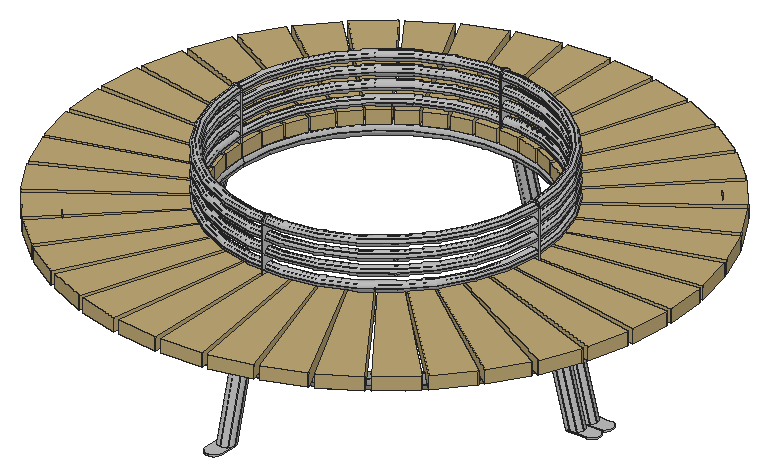
Revit family "L-FUR_벤치_YB-319_예건", category 일반 모델, Revit 2021
Family settings
  보강 철근 호스트 가능 = 아니오
  원형 커넥터 치수 = 지름 사용
  부품 유형 = 보통
  작업 기준면 기반 = 아니오
  항상 수직 = 예
  로드될 때 보이드를 사용하여 절단 = 아니오
  공유 = 아니오
  룸 계산 점 = 아니오
Parameters
  한국산업규격KS = ""
  조달청표준공사코드-세부공종 = ""
  기본 입면도 = 0 mm
  건설정보분류체계-부위분류 = "E943"
  LIM_INFO_주의사항 = "재배포, 재가공, 판매 금지"
  LIM_INFO_제품업체 = "예건"
  LIM_INFO_제품번호 = "YF-16"
  LIM_INFO_제품명 = "펜스_YF-16"
  LIM_INFO_제작일 = "20230315"
  LIM_INFO_재료 = "Hardwood, STL-pipe, STL-plate"
  LIM_INFO_업체정보 = ""
  LIM_INFO_업체URL = "https://yekun.com/"
  LIM_INFO_업체TEL = "(+82)31-943-6114"
  LIM_INFO_업체EMAIL = "yekun@yekun.com"
  LIM_INFO_버전 = "2023_V01"
  LIM_INFO_기타정보 = ""
  LIM_INFO_규격 = "W2000 x H1800"
  LIM_INFO_가격 = 0
  LIM_INFO_PV_포장재여부 = yes
  LIM_INFO_PV_면적 = 0.00 m²
  KBIMS_식별-버전 = ""
  KBIMS_식별-bSK등록번호 = ""
  KBIMS_보급정보-저작자 = "림인포테크_MMJ"
  KBIMS_보급정보-보급코드 = ""
Reference planes
  plane 1 "중심(앞/뒤)": y = 0
  plane 2: z = 0
  plane 3 "중심(왼쪽/오른쪽)": x = 0
Dimensions and locks
  aligned and locked: level to plane 2
Nested families
  nested 1: "YB-319_base" at (0, 0, 0), type "YB-319_base"
Definition of nested family "YB-319_base"
  Parameters (values of type "YB-319_base")
    Default Elevation = 0 mm
  Reference planes
    plane 1 "중심(앞/뒤)": y = 0
    plane 2: z = 0
    plane 3 "중심(왼쪽/오른쪽)": x = 0
  Forms (mm)
    Blend 1, solid, detail levels fine
      base sketch origin (0.473, 0.011, 10) x (1, 0, 0) y (0, 1, 0)
        loop
          circle (274.103, 925.359) r 25.4
      top sketch origin (0.473, 0.011, 10) x (1, 0, 0) y (0, 1, 0)
        loop
          circle (377.799, 925.359) r 25.4
      from 0 to 381.3
    Blend 2, solid, detail levels fine
      base sketch origin (0.473, 0.011, 10) x (1, 0, 0) y (0, 1, 0)
        loop
          circle (274.103, 874.559) r 25.4
      top sketch origin (0.473, 0.011, 10) x (1, 0, 0) y (0, 1, 0)
        loop
          circle (377.799, 874.559) r 25.4
      from 0 to 381.3
    Blend 3, solid, detail levels fine
      base sketch origin (0.473, 0.011, 10) x (1, 0, 0) y (0, 1, 0)
        loop
          circle (900.134, 274.103) r 25.4
      top sketch origin (0.473, 0.011, 10) x (1, 0, 0) y (0, 1, 0)
        loop
          circle (900.134, 377.799) r 25.4
      from 0 to 381.3
    Blend 4, solid, detail levels fine
      base sketch origin (0.473, 0.011, 10) x (1, 0, 0) y (0, 1, 0)
        loop
          circle (1525.649, 925.359) r 25.4
      top sketch origin (0.473, 0.011, 10) x (1, 0, 0) y (0, 1, 0)
        loop
          circle (1421.952, 925.359) r 25.4
      from 0 to 381.3
    Blend 5, solid, detail levels fine
      base sketch origin (0.473, 0.011, 10) x (1, 0, 0) y (0, 1, 0)
        loop
          circle (1525.649, 874.559) r 25.4
      top sketch origin (0.473, 0.011, 10) x (1, 0, 0) y (0, 1, 0)
        loop
          circle (1421.952, 874.559) r 25.4
      from 0 to 381.3
    Blend 6, solid, detail levels fine
      base sketch origin (0.473, 0.011, 10) x (1, 0, 0) y (0, 1, 0)
        loop
          circle (900.134, 1525.649) r 25.4
      top sketch origin (0.473, 0.011, 10) x (1, 0, 0) y (0, 1, 0)
        loop
          circle (900.134, 1421.952) r 25.4
      from 0 to 381.3
    Extrusion 7, solid, detail levels fine
      sketch origin (0.473, 0.011, 10) x (1, 0, 0) y (0, 1, 0)
        loop
          arc (1525.649, 950.759) -> (1500.249, 925.359) -> (1525.649, 899.959) r 25.4
          line (1525.649, 899.959) -> (1576.449, 899.959)
          arc (1576.449, 899.959) -> (1601.849, 925.359) -> (1576.449, 950.759) r 25.4
          line (1576.449, 950.759) -> (1525.649, 950.759)
      from 0 to 3
    Extrusion 8, solid, detail levels fine
      sketch origin (0.473, -50.789, 10) x (1, 0, 0) y (0, 1, 0)
        loop
          arc (1525.649, 950.759) -> (1500.249, 925.359) -> (1525.649, 899.959) r 25.4
          line (1525.649, 899.959) -> (1576.449, 899.959)
          arc (1576.449, 899.959) -> (1601.849, 925.359) -> (1576.449, 950.759) r 25.4
          line (1576.449, 950.759) -> (1525.649, 950.759)
      from 0 to 3
    Extrusion 9, solid, detail levels fine
      sketch origin (1800.225, 1850.728, 10) x (-1, 0, 0) y (0, -1, 0)
        loop
          arc (1525.649, 950.759) -> (1500.249, 925.359) -> (1525.649, 899.959) r 25.4
          line (1525.649, 899.959) -> (1576.449, 899.959)
          arc (1576.449, 899.959) -> (1601.849, 925.359) -> (1576.449, 950.759) r 25.4
          line (1576.449, 950.759) -> (1525.649, 950.759)
      from 0 to 3
    Extrusion 10, solid, detail levels fine
      sketch origin (-24.752, 1799.762, 10) x (0, -1, 0) y (1, 0, 0)
        loop
          arc (1525.649, 950.759) -> (1500.249, 925.359) -> (1525.649, 899.959) r 25.4
          line (1525.649, 899.959) -> (1576.449, 899.959)
          arc (1576.449, 899.959) -> (1601.849, 925.359) -> (1576.449, 950.759) r 25.4
          line (1576.449, 950.759) -> (1525.649, 950.759)
      from 0 to 3
    Extrusion 11, solid, detail levels fine
      sketch origin (1825.966, 0.011, 10) x (0, 1, 0) y (-1, 0, 0)
        loop
          arc (1525.649, 950.759) -> (1500.249, 925.359) -> (1525.649, 899.959) r 25.4
          line (1525.649, 899.959) -> (1576.449, 899.959)
          arc (1576.449, 899.959) -> (1601.849, 925.359) -> (1576.449, 950.759) r 25.4
          line (1576.449, 950.759) -> (1525.649, 950.759)
      from 0 to 3
    Extrusion 12, solid, detail levels fine
      sketch origin (1800.225, 1799.928, 10) x (-1, 0, 0) y (0, -1, 0)
        loop
          arc (1525.649, 950.759) -> (1500.249, 925.359) -> (1525.649, 899.959) r 25.4
          line (1525.649, 899.959) -> (1576.449, 899.959)
          arc (1576.449, 899.959) -> (1601.849, 925.359) -> (1576.449, 950.759) r 25.4
          line (1576.449, 950.759) -> (1525.649, 950.759)
      from 0 to 3
    Blend 13, solid, detail levels fine
      base sketch origin (0.473, 0.011, 10) x (1, 0, 0) y (0, 1, 0)
        loop
          line (299.503, 925.359) -> (292.063, 943.319) -> (274.103, 950.759) -> (256.142, 943.319) -> (248.703, 925.359) -> (256.142, 907.398) -> (274.103, 899.959) -> (292.063, 907.398) -> (299.503, 925.359)
      top sketch origin (0.473, 0.011, 10) x (1, 0, 0) y (0, 1, 0)
        loop
          line (403.199, 925.359) -> (395.76, 943.319) -> (377.799, 950.759) -> (359.839, 943.319) -> (352.399, 925.359) -> (359.839, 907.398) -> (377.799, 899.959) -> (395.76, 907.398) -> (403.199, 925.359)
      from 0 to 381.3
    Blend 14, solid, detail levels fine
      base sketch origin (0.473, 0.011, 10) x (1, 0, 0) y (0, 1, 0)
        loop
          line (299.503, 874.559) -> (292.063, 892.519) -> (274.103, 899.959) -> (256.142, 892.519) -> (248.703, 874.559) -> (256.142, 856.598) -> (274.103, 849.159) -> (292.063, 856.598) -> (299.503, 874.559)
      top sketch origin (0.473, 0.011, 10) x (1, 0, 0) y (0, 1, 0)
        loop
          line (403.199, 874.559) -> (395.76, 892.519) -> (377.799, 899.959) -> (359.839, 892.519) -> (352.399, 874.559) -> (359.839, 856.598) -> (377.799, 849.159) -> (395.76, 856.598) -> (403.199, 874.559)
      from 0 to 381.3
    Blend 15, solid, detail levels fine
      base sketch origin (0.473, 0.011, 10) x (1, 0, 0) y (0, 1, 0)
        loop
          line (925.534, 1525.649) -> (918.094, 1543.609) -> (900.134, 1551.049) -> (882.173, 1543.609) -> (874.734, 1525.649) -> (882.173, 1507.688) -> (900.134, 1500.249) -> (918.094, 1507.688) -> (925.534, 1525.649)
      top sketch origin (0.473, 0.011, 10) x (1, 0, 0) y (0, 1, 0)
        loop
          line (925.534, 1421.952) -> (918.094, 1439.913) -> (900.134, 1447.352) -> (882.173, 1439.913) -> (874.734, 1421.952) -> (882.173, 1403.992) -> (900.134, 1396.552) -> (918.094, 1403.992) -> (925.534, 1421.952)
      from 0 to 381.3
    Blend 16, solid, detail levels fine
      base sketch origin (0.473, 0.011, 10) x (1, 0, 0) y (0, 1, 0)
        loop
          line (1551.049, 925.359) -> (1543.609, 943.319) -> (1525.649, 950.759) -> (1507.688, 943.319) -> (1500.249, 925.359) -> (1507.688, 907.398) -> (1525.649, 899.959) -> (1543.609, 907.398) -> (1551.049, 925.359)
      top sketch origin (0.473, 0.011, 10) x (1, 0, 0) y (0, 1, 0)
        loop
          line (1447.352, 925.359) -> (1439.913, 943.319) -> (1421.952, 950.759) -> (1403.992, 943.319) -> (1396.552, 925.359) -> (1403.992, 907.398) -> (1421.952, 899.959) -> (1439.913, 907.398) -> (1447.352, 925.359)
      from 0 to 381.3
    Blend 17, solid, detail levels fine
      base sketch origin (0.473, 0.011, 10) x (1, 0, 0) y (0, 1, 0)
        loop
          line (1551.049, 874.559) -> (1543.609, 892.519) -> (1525.649, 899.959) -> (1507.688, 892.519) -> (1500.249, 874.559) -> (1507.688, 856.598) -> (1525.649, 849.159) -> (1543.609, 856.598) -> (1551.049, 874.559)
      top sketch origin (0.473, 0.011, 10) x (1, 0, 0) y (0, 1, 0)
        loop
          line (1447.352, 874.559) -> (1439.913, 892.519) -> (1421.952, 899.959) -> (1403.992, 892.519) -> (1396.552, 874.559) -> (1403.992, 856.598) -> (1421.952, 849.159) -> (1439.913, 856.598) -> (1447.352, 874.559)
      from 0 to 381.3
    Blend 18, solid, detail levels fine
      base sketch origin (0.473, 0.011, 10) x (1, 0, 0) y (0, 1, 0)
        loop
          line (925.534, 274.103) -> (918.094, 292.063) -> (900.134, 299.503) -> (882.173, 292.063) -> (874.734, 274.103) -> (882.173, 256.142) -> (900.134, 248.703) -> (918.094, 256.142) -> (925.534, 274.103)
      top sketch origin (0.473, 0.011, 10) x (1, 0, 0) y (0, 1, 0)
        loop
          line (925.534, 377.799) -> (918.094, 395.76) -> (900.134, 403.199) -> (882.173, 395.76) -> (874.734, 377.799) -> (882.173, 359.839) -> (900.134, 352.399) -> (918.094, 359.839) -> (925.534, 377.799)
      from 0 to 381.3
    Extrusion 19, solid, detail levels fine
      sketch origin (0.473, 0.011, 4.3) x (0, 1, 0) y (0, 0, 1)
        loop
          line (1447.352, 387) -> (1483.175, 253.307) -> (1724.172, 387) -> (1447.352, 387)
      from 897.5 to 902.5
    Extrusion 20, solid, detail levels fine
      sketch origin (1800.607, 1799.762, 4.3) x (0, -1, 0) y (0, 0, 1)
        loop
          line (1447.352, 387) -> (1483.175, 253.307) -> (1724.172, 387) -> (1447.352, 387)
      from 897.5 to 902.5
    Extrusion 21, solid, detail levels fine
      sketch origin (1800.225, 25.369, 4.3) x (-1, 0, 0) y (0, 0, 1)
        loop
          line (1447.352, 387) -> (1483.175, 253.307) -> (1724.172, 387) -> (1447.352, 387)
      from 897.5 to 902.5
    Extrusion 22, solid, detail levels fine
      sketch origin (1800.225, -25.431, 4.3) x (-1, 0, 0) y (0, 0, 1)
        loop
          line (1447.352, 387) -> (1483.175, 253.307) -> (1724.172, 387) -> (1447.352, 387)
      from 897.5 to 902.5
    Extrusion 23, solid, detail levels fine
      sketch origin (0.473, 1825.369, 4.3) x (1, 0, 0) y (0, 0, 1)
        loop
          line (1447.352, 387) -> (1483.175, 253.307) -> (1724.172, 387) -> (1447.352, 387)
      from 897.5 to 902.5
    Extrusion 24, solid, detail levels fine
      sketch origin (0.473, 1774.569, 4.3) x (1, 0, 0) y (0, 0, 1)
        loop
          line (1447.352, 387) -> (1483.175, 253.307) -> (1724.172, 387) -> (1447.352, 387)
      from 897.5 to 902.5
    Extrusion 25, solid, detail levels fine
      sketch origin (-3046.023, -735.762, 0) x (1, 0, 0) y (0, 1, 0)
        loop
          line (3738.703, 2034.526) -> (3531.378, 2432.795)
          arc (3531.378, 2432.795) -> (3530.791, 2433.287) -> (3530.028, 2433.219) r 1
          arc (3530.028, 2433.219) -> (3476.241, 2402.748) -> (3424.673, 2368.657) r 900.112
          arc (3424.673, 2368.657) -> (3424.266, 2368.008) -> (3424.438, 2367.262) r 1
          line (3424.438, 2367.262) -> (3685.174, 2001.723)
          arc (3685.174, 2001.723) -> (3711.366, 2019.059) -> (3738.703, 2034.526) r 450.001
        loop
          line (3678.82, 1997.107) -> (3411.745, 2358.039)
          arc (3411.745, 2358.039) -> (3411.088, 2358.434) -> (3410.345, 2358.248) r 1
          arc (3410.345, 2358.248) -> (3361.987, 2319.738) -> (3316.386, 2277.999) r 900.112
          arc (3316.386, 2277.999) -> (3316.086, 2277.294) -> (3316.373, 2276.584) r 1
          line (3316.373, 2276.584) -> (3631.081, 1956.334)
          arc (3631.081, 1956.334) -> (3654.239, 1977.554) -> (3678.82, 1997.107) r 450.001
      from 390 to 430
    Extrusion 26, solid, detail levels fine
      sketch origin (-3358.123, 563.101, 0) x (0.951117, -0.308831, 0) y (0.308831, 0.951117, 0)
        loop
          line (3738.703, 2034.526) -> (3531.378, 2432.795)
          arc (3531.378, 2432.795) -> (3530.791, 2433.287) -> (3530.028, 2433.219) r 1
          arc (3530.028, 2433.219) -> (3476.241, 2402.748) -> (3424.673, 2368.657) r 900.112
          arc (3424.673, 2368.657) -> (3424.266, 2368.008) -> (3424.438, 2367.262) r 1
          line (3424.438, 2367.262) -> (3685.174, 2001.723)
          arc (3685.174, 2001.723) -> (3711.366, 2019.059) -> (3738.703, 2034.526) r 450.001
        loop
          line (3678.82, 1997.107) -> (3411.745, 2358.039)
          arc (3411.745, 2358.039) -> (3411.088, 2358.434) -> (3410.345, 2358.248) r 1
          arc (3410.345, 2358.248) -> (3361.987, 2319.738) -> (3316.386, 2277.999) r 900.112
          arc (3316.386, 2277.999) -> (3316.086, 2277.294) -> (3316.373, 2276.584) r 1
          line (3316.373, 2276.584) -> (3631.081, 1956.334)
          arc (3631.081, 1956.334) -> (3654.239, 1977.554) -> (3678.82, 1997.107) r 450.001
      from 390 to 430
    Extrusion 27, solid, detail levels fine
      sketch origin (-1333.017, -2742.125, 0) x (0.809292, 0.587406, 0) y (-0.587406, 0.809292, 0)
        loop
          line (3738.703, 2034.526) -> (3531.378, 2432.795)
          arc (3531.378, 2432.795) -> (3530.791, 2433.287) -> (3530.028, 2433.219) r 1
          arc (3530.028, 2433.219) -> (3476.241, 2402.748) -> (3424.673, 2368.657) r 900.112
          arc (3424.673, 2368.657) -> (3424.266, 2368.008) -> (3424.438, 2367.262) r 1
          line (3424.438, 2367.262) -> (3685.174, 2001.723)
          arc (3685.174, 2001.723) -> (3711.366, 2019.059) -> (3738.703, 2034.526) r 450.001
        loop
          line (3678.82, 1997.107) -> (3411.745, 2358.039)
          arc (3411.745, 2358.039) -> (3411.088, 2358.434) -> (3410.345, 2358.248) r 1
          arc (3410.345, 2358.248) -> (3361.987, 2319.738) -> (3316.386, 2277.999) r 900.112
          arc (3316.386, 2277.999) -> (3316.086, 2277.294) -> (3316.373, 2276.584) r 1
          line (3316.373, 2276.584) -> (3631.081, 1956.334)
          arc (3631.081, 1956.334) -> (3654.239, 1977.554) -> (3678.82, 1997.107) r 450.001
      from 390 to 430
    Extrusion 28, solid, detail levels fine
      sketch origin (-2348.558, -1874.294, 0) x (0.951141, 0.308758, 0) y (-0.308758, 0.951141, 0)
        loop
          line (3738.703, 2034.526) -> (3531.378, 2432.795)
          arc (3531.378, 2432.795) -> (3530.791, 2433.287) -> (3530.028, 2433.219) r 1
          arc (3530.028, 2433.219) -> (3476.241, 2402.748) -> (3424.673, 2368.657) r 900.112
          arc (3424.673, 2368.657) -> (3424.266, 2368.008) -> (3424.438, 2367.262) r 1
          line (3424.438, 2367.262) -> (3685.174, 2001.723)
          arc (3685.174, 2001.723) -> (3711.366, 2019.059) -> (3738.703, 2034.526) r 450.001
        loop
          line (3678.82, 1997.107) -> (3411.745, 2358.039)
          arc (3411.745, 2358.039) -> (3411.088, 2358.434) -> (3410.345, 2358.248) r 1
          arc (3410.345, 2358.248) -> (3361.987, 2319.738) -> (3316.386, 2277.999) r 900.112
          arc (3316.386, 2277.999) -> (3316.086, 2277.294) -> (3316.373, 2276.584) r 1
          line (3316.373, 2276.584) -> (3631.081, 1956.334)
          arc (3631.081, 1956.334) -> (3654.239, 1977.554) -> (3678.82, 1997.107) r 450.001
      from 390 to 430
    Extrusion 29, solid, detail levels fine
      sketch origin (-1874.069, 4147.884, 0) x (0.30887, -0.951104, 0) y (0.951104, 0.30887, 0)
        loop
          line (3738.703, 2034.526) -> (3531.378, 2432.795)
          arc (3531.378, 2432.795) -> (3530.791, 2433.287) -> (3530.028, 2433.219) r 1
          arc (3530.028, 2433.219) -> (3476.241, 2402.748) -> (3424.673, 2368.657) r 900.112
          arc (3424.673, 2368.657) -> (3424.266, 2368.008) -> (3424.438, 2367.262) r 1
          line (3424.438, 2367.262) -> (3685.174, 2001.723)
          arc (3685.174, 2001.723) -> (3711.366, 2019.059) -> (3738.703, 2034.526) r 450.001
        loop
          line (3678.82, 1997.107) -> (3411.745, 2358.039)
          arc (3411.745, 2358.039) -> (3411.088, 2358.434) -> (3410.345, 2358.248) r 1
          arc (3410.345, 2358.248) -> (3361.987, 2319.738) -> (3316.386, 2277.999) r 900.112
          arc (3316.386, 2277.999) -> (3316.086, 2277.294) -> (3316.373, 2276.584) r 1
          line (3316.373, 2276.584) -> (3631.081, 1956.334)
          arc (3631.081, 1956.334) -> (3654.239, 1977.554) -> (3678.82, 1997.107) r 450.001
      from 390 to 430
    Extrusion 30, solid, detail levels fine
      sketch origin (-735.113, 4845.904, 0) x (0.000042, -1, 0) y (1, 0.000042, 0)
        loop
          line (3738.703, 2034.526) -> (3531.378, 2432.795)
          arc (3531.378, 2432.795) -> (3530.791, 2433.287) -> (3530.028, 2433.219) r 1
          arc (3530.028, 2433.219) -> (3476.241, 2402.748) -> (3424.673, 2368.657) r 900.112
          arc (3424.673, 2368.657) -> (3424.266, 2368.008) -> (3424.438, 2367.262) r 1
          line (3424.438, 2367.262) -> (3685.174, 2001.723)
          arc (3685.174, 2001.723) -> (3711.366, 2019.059) -> (3738.703, 2034.526) r 450.001
        loop
          line (3678.82, 1997.107) -> (3411.745, 2358.039)
          arc (3411.745, 2358.039) -> (3411.088, 2358.434) -> (3410.345, 2358.248) r 1
          arc (3410.345, 2358.248) -> (3361.987, 2319.738) -> (3316.386, 2277.999) r 900.112
          arc (3316.386, 2277.999) -> (3316.086, 2277.294) -> (3316.373, 2276.584) r 1
          line (3316.373, 2276.584) -> (3631.081, 1956.334)
          arc (3631.081, 1956.334) -> (3654.239, 1977.554) -> (3678.82, 1997.107) r 450.001
      from 390 to 430
    Extrusion 31, solid, detail levels fine
      sketch origin (-3253.232, 1898.932, 0) x (0.808651, -0.588289, 0) y (0.588289, 0.808651, 0)
        loop
          line (3738.703, 2034.526) -> (3531.378, 2432.795)
          arc (3531.378, 2432.795) -> (3530.791, 2433.287) -> (3530.028, 2433.219) r 1
          arc (3530.028, 2433.219) -> (3476.241, 2402.748) -> (3424.673, 2368.657) r 900.112
          arc (3424.673, 2368.657) -> (3424.266, 2368.008) -> (3424.438, 2367.262) r 1
          line (3424.438, 2367.262) -> (3685.174, 2001.723)
          arc (3685.174, 2001.723) -> (3711.366, 2019.059) -> (3738.703, 2034.526) r 450.001
        loop
          line (3678.82, 1997.107) -> (3411.745, 2358.039)
          arc (3411.745, 2358.039) -> (3411.088, 2358.434) -> (3410.345, 2358.248) r 1
          arc (3410.345, 2358.248) -> (3361.987, 2319.738) -> (3316.386, 2277.999) r 900.112
          arc (3316.386, 2277.999) -> (3316.086, 2277.294) -> (3316.373, 2276.584) r 1
          line (3316.373, 2276.584) -> (3631.081, 1956.334)
          arc (3631.081, 1956.334) -> (3654.239, 1977.554) -> (3678.82, 1997.107) r 450.001
      from 390 to 430
    Extrusion 32, solid, detail levels fine
      sketch origin (-2741.505, 3132.864, 0) x (0.58744, -0.809268, 0) y (0.809268, 0.58744, 0)
        loop
          line (3738.703, 2034.526) -> (3531.378, 2432.795)
          arc (3531.378, 2432.795) -> (3530.791, 2433.287) -> (3530.028, 2433.219) r 1
          arc (3530.028, 2433.219) -> (3476.241, 2402.748) -> (3424.673, 2368.657) r 900.112
          arc (3424.673, 2368.657) -> (3424.266, 2368.008) -> (3424.438, 2367.262) r 1
          line (3424.438, 2367.262) -> (3685.174, 2001.723)
          arc (3685.174, 2001.723) -> (3711.366, 2019.059) -> (3738.703, 2034.526) r 450.001
        loop
          line (3678.82, 1997.107) -> (3411.745, 2358.039)
          arc (3411.745, 2358.039) -> (3411.088, 2358.434) -> (3410.345, 2358.248) r 1
          arc (3410.345, 2358.248) -> (3361.987, 2319.738) -> (3316.386, 2277.999) r 900.112
          arc (3316.386, 2277.999) -> (3316.086, 2277.294) -> (3316.373, 2276.584) r 1
          line (3316.373, 2276.584) -> (3631.081, 1956.334)
          arc (3631.081, 1956.334) -> (3654.239, 1977.554) -> (3678.82, 1997.107) r 450.001
      from 390 to 430
    Extrusion 33, solid, detail levels fine
      sketch origin (3130.018, 4544.174, 0) x (-0.808572, -0.588397, 0) y (0.588397, -0.808572, 0)
        loop
          line (3738.703, 2034.526) -> (3531.378, 2432.795)
          arc (3531.378, 2432.795) -> (3530.791, 2433.287) -> (3530.028, 2433.219) r 1
          arc (3530.028, 2433.219) -> (3476.241, 2402.748) -> (3424.673, 2368.657) r 900.112
          arc (3424.673, 2368.657) -> (3424.266, 2368.008) -> (3424.438, 2367.262) r 1
          line (3424.438, 2367.262) -> (3685.174, 2001.723)
          arc (3685.174, 2001.723) -> (3711.366, 2019.059) -> (3738.703, 2034.526) r 450.001
        loop
          line (3678.82, 1997.107) -> (3411.745, 2358.039)
          arc (3411.745, 2358.039) -> (3411.088, 2358.434) -> (3410.345, 2358.248) r 1
          arc (3410.345, 2358.248) -> (3361.987, 2319.738) -> (3316.386, 2277.999) r 900.112
          arc (3316.386, 2277.999) -> (3316.086, 2277.294) -> (3316.373, 2276.584) r 1
          line (3316.373, 2276.584) -> (3631.081, 1956.334)
          arc (3631.081, 1956.334) -> (3654.239, 1977.554) -> (3678.82, 1997.107) r 450.001
      from 390 to 430
    Extrusion 34, solid, detail levels fine
      sketch origin (4146.621, 3677.589, 0) x (-0.950762, -0.309923, 0) y (0.309923, -0.950762, 0)
        loop
          line (3738.703, 2034.526) -> (3531.378, 2432.795)
          arc (3531.378, 2432.795) -> (3530.791, 2433.287) -> (3530.028, 2433.219) r 1
          arc (3530.028, 2433.219) -> (3476.241, 2402.748) -> (3424.673, 2368.657) r 900.112
          arc (3424.673, 2368.657) -> (3424.266, 2368.008) -> (3424.438, 2367.262) r 1
          line (3424.438, 2367.262) -> (3685.174, 2001.723)
          arc (3685.174, 2001.723) -> (3711.366, 2019.059) -> (3738.703, 2034.526) r 450.001
        loop
          line (3678.82, 1997.107) -> (3411.745, 2358.039)
          arc (3411.745, 2358.039) -> (3411.088, 2358.434) -> (3410.345, 2358.248) r 1
          arc (3410.345, 2358.248) -> (3361.987, 2319.738) -> (3316.386, 2277.999) r 900.112
          arc (3316.386, 2277.999) -> (3316.086, 2277.294) -> (3316.373, 2276.584) r 1
          line (3316.373, 2276.584) -> (3631.081, 1956.334)
          arc (3631.081, 1956.334) -> (3654.239, 1977.554) -> (3678.82, 1997.107) r 450.001
      from 390 to 430
    Extrusion 35, solid, detail levels fine
      sketch origin (564.391, 5158.535, 0) x (-0.308743, -0.951146, 0) y (0.951146, -0.308743, 0)
        loop
          line (3738.703, 2034.526) -> (3531.378, 2432.795)
          arc (3531.378, 2432.795) -> (3530.791, 2433.287) -> (3530.028, 2433.219) r 1
          arc (3530.028, 2433.219) -> (3476.241, 2402.748) -> (3424.673, 2368.657) r 900.112
          arc (3424.673, 2368.657) -> (3424.266, 2368.008) -> (3424.438, 2367.262) r 1
          line (3424.438, 2367.262) -> (3685.174, 2001.723)
          arc (3685.174, 2001.723) -> (3711.366, 2019.059) -> (3738.703, 2034.526) r 450.001
        loop
          line (3678.82, 1997.107) -> (3411.745, 2358.039)
          arc (3411.745, 2358.039) -> (3411.088, 2358.434) -> (3410.345, 2358.248) r 1
          arc (3410.345, 2358.248) -> (3361.987, 2319.738) -> (3316.386, 2277.999) r 900.112
          arc (3316.386, 2277.999) -> (3316.086, 2277.294) -> (3316.373, 2276.584) r 1
          line (3316.373, 2276.584) -> (3631.081, 1956.334)
          arc (3631.081, 1956.334) -> (3654.239, 1977.554) -> (3678.82, 1997.107) r 450.001
      from 390 to 430
    Extrusion 36, solid, detail levels fine
      sketch origin (1896.157, 5054.373, 0) x (-0.587393, -0.809302, 0) y (0.809302, -0.587393, 0)
        loop
          line (3738.703, 2034.526) -> (3531.378, 2432.795)
          arc (3531.378, 2432.795) -> (3530.791, 2433.287) -> (3530.028, 2433.219) r 1
          arc (3530.028, 2433.219) -> (3476.241, 2402.748) -> (3424.673, 2368.657) r 900.112
          arc (3424.673, 2368.657) -> (3424.266, 2368.008) -> (3424.438, 2367.262) r 1
          line (3424.438, 2367.262) -> (3685.174, 2001.723)
          arc (3685.174, 2001.723) -> (3711.366, 2019.059) -> (3738.703, 2034.526) r 450.001
        loop
          line (3678.82, 1997.107) -> (3411.745, 2358.039)
          arc (3411.745, 2358.039) -> (3411.088, 2358.434) -> (3410.345, 2358.248) r 1
          arc (3410.345, 2358.248) -> (3361.987, 2319.738) -> (3316.386, 2277.999) r 900.112
          arc (3316.386, 2277.999) -> (3316.086, 2277.294) -> (3316.373, 2276.584) r 1
          line (3316.373, 2276.584) -> (3631.081, 1956.334)
          arc (3631.081, 1956.334) -> (3654.239, 1977.554) -> (3678.82, 1997.107) r 450.001
      from 390 to 430
    Extrusion 37, solid, detail levels fine
      sketch origin (5055.934, -94.179, 0) x (-0.809371, 0.587298, 0) y (-0.587298, -0.809371, 0)
        loop
          line (3738.703, 2034.526) -> (3531.378, 2432.795)
          arc (3531.378, 2432.795) -> (3530.791, 2433.287) -> (3530.028, 2433.219) r 1
          arc (3530.028, 2433.219) -> (3476.241, 2402.748) -> (3424.673, 2368.657) r 900.112
          arc (3424.673, 2368.657) -> (3424.266, 2368.008) -> (3424.438, 2367.262) r 1
          line (3424.438, 2367.262) -> (3685.174, 2001.723)
          arc (3685.174, 2001.723) -> (3711.366, 2019.059) -> (3738.703, 2034.526) r 450.001
        loop
          line (3678.82, 1997.107) -> (3411.745, 2358.039)
          arc (3411.745, 2358.039) -> (3411.088, 2358.434) -> (3410.345, 2358.248) r 1
          arc (3410.345, 2358.248) -> (3361.987, 2319.738) -> (3316.386, 2277.999) r 900.112
          arc (3316.386, 2277.999) -> (3316.086, 2277.294) -> (3316.373, 2276.584) r 1
          line (3316.373, 2276.584) -> (3631.081, 1956.334)
          arc (3631.081, 1956.334) -> (3654.239, 1977.554) -> (3678.82, 1997.107) r 450.001
      from 390 to 430
    Extrusion 38, solid, detail levels fine
      sketch origin (4545.719, -1328.737, 0) x (-0.588431, 0.808547, 0) y (-0.808547, -0.588431, 0)
        loop
          line (3738.703, 2034.526) -> (3531.378, 2432.795)
          arc (3531.378, 2432.795) -> (3530.791, 2433.287) -> (3530.028, 2433.219) r 1
          arc (3530.028, 2433.219) -> (3476.241, 2402.748) -> (3424.673, 2368.657) r 900.112
          arc (3424.673, 2368.657) -> (3424.266, 2368.008) -> (3424.438, 2367.262) r 1
          line (3424.438, 2367.262) -> (3685.174, 2001.723)
          arc (3685.174, 2001.723) -> (3711.366, 2019.059) -> (3738.703, 2034.526) r 450.001
        loop
          line (3678.82, 1997.107) -> (3411.745, 2358.039)
          arc (3411.745, 2358.039) -> (3411.088, 2358.434) -> (3410.345, 2358.248) r 1
          arc (3410.345, 2358.248) -> (3361.987, 2319.738) -> (3316.386, 2277.999) r 900.112
          arc (3316.386, 2277.999) -> (3316.086, 2277.294) -> (3316.373, 2276.584) r 1
          line (3316.373, 2276.584) -> (3631.081, 1956.334)
          arc (3631.081, 1956.334) -> (3654.239, 1977.554) -> (3678.82, 1997.107) r 450.001
      from 390 to 430
    Extrusion 39, solid, detail levels fine
      sketch origin (4847.809, 2535.757, 0) x (-1, -0.000134, 0) y (0.000134, -1, 0)
        loop
          line (3738.703, 2034.526) -> (3531.378, 2432.795)
          arc (3531.378, 2432.795) -> (3530.791, 2433.287) -> (3530.028, 2433.219) r 1
          arc (3530.028, 2433.219) -> (3476.241, 2402.748) -> (3424.673, 2368.657) r 900.112
          arc (3424.673, 2368.657) -> (3424.266, 2368.008) -> (3424.438, 2367.262) r 1
          line (3424.438, 2367.262) -> (3685.174, 2001.723)
          arc (3685.174, 2001.723) -> (3711.366, 2019.059) -> (3738.703, 2034.526) r 450.001
        loop
          line (3678.82, 1997.107) -> (3411.745, 2358.039)
          arc (3411.745, 2358.039) -> (3411.088, 2358.434) -> (3410.345, 2358.248) r 1
          arc (3410.345, 2358.248) -> (3361.987, 2319.738) -> (3316.386, 2277.999) r 900.112
          arc (3316.386, 2277.999) -> (3316.086, 2277.294) -> (3316.373, 2276.584) r 1
          line (3316.373, 2276.584) -> (3631.081, 1956.334)
          arc (3631.081, 1956.334) -> (3654.239, 1977.554) -> (3678.82, 1997.107) r 450.001
      from 390 to 430
    Extrusion 40, solid, detail levels fine
      sketch origin (5160.083, 1236.935, 0) x (-0.951159, 0.308703, 0) y (-0.308703, -0.951159, 0)
        loop
          line (3738.703, 2034.526) -> (3531.378, 2432.795)
          arc (3531.378, 2432.795) -> (3530.791, 2433.287) -> (3530.028, 2433.219) r 1
          arc (3530.028, 2433.219) -> (3476.241, 2402.748) -> (3424.673, 2368.657) r 900.112
          arc (3424.673, 2368.657) -> (3424.266, 2368.008) -> (3424.438, 2367.262) r 1
          line (3424.438, 2367.262) -> (3685.174, 2001.723)
          arc (3685.174, 2001.723) -> (3711.366, 2019.059) -> (3738.703, 2034.526) r 450.001
        loop
          line (3678.82, 1997.107) -> (3411.745, 2358.039)
          arc (3411.745, 2358.039) -> (3411.088, 2358.434) -> (3410.345, 2358.248) r 1
          arc (3410.345, 2358.248) -> (3361.987, 2319.738) -> (3316.386, 2277.999) r 900.112
          arc (3316.386, 2277.999) -> (3316.086, 2277.294) -> (3316.373, 2276.584) r 1
          line (3316.373, 2276.584) -> (3631.081, 1956.334)
          arc (3631.081, 1956.334) -> (3654.239, 1977.554) -> (3678.82, 1997.107) r 450.001
      from 390 to 430
    Extrusion 41, solid, detail levels fine
      sketch origin (1234.65, -3360.492, 0) x (0.309288, 0.950968, 0) y (-0.950968, 0.309288, 0)
        loop
          line (3738.703, 2034.526) -> (3531.378, 2432.795)
          arc (3531.378, 2432.795) -> (3530.791, 2433.287) -> (3530.028, 2433.219) r 1
          arc (3530.028, 2433.219) -> (3476.241, 2402.748) -> (3424.673, 2368.657) r 900.112
          arc (3424.673, 2368.657) -> (3424.266, 2368.008) -> (3424.438, 2367.262) r 1
          line (3424.438, 2367.262) -> (3685.174, 2001.723)
          arc (3685.174, 2001.723) -> (3711.366, 2019.059) -> (3738.703, 2034.526) r 450.001
        loop
          line (3678.82, 1997.107) -> (3411.745, 2358.039)
          arc (3411.745, 2358.039) -> (3411.088, 2358.434) -> (3410.345, 2358.248) r 1
          arc (3410.345, 2358.248) -> (3361.987, 2319.738) -> (3316.386, 2277.999) r 900.112
          arc (3316.386, 2277.999) -> (3316.086, 2277.294) -> (3316.373, 2276.584) r 1
          line (3316.373, 2276.584) -> (3631.081, 1956.334)
          arc (3631.081, 1956.334) -> (3654.239, 1977.554) -> (3678.82, 1997.107) r 450.001
      from 390 to 430
    Extrusion 42, solid, detail levels fine
      sketch origin (-97.057, -3255.566, 0) x (0.587857, 0.808965, 0) y (-0.808965, 0.587857, 0)
        loop
          line (3738.703, 2034.526) -> (3531.378, 2432.795)
          arc (3531.378, 2432.795) -> (3530.791, 2433.287) -> (3530.028, 2433.219) r 1
          arc (3530.028, 2433.219) -> (3476.241, 2402.748) -> (3424.673, 2368.657) r 900.112
          arc (3424.673, 2368.657) -> (3424.266, 2368.008) -> (3424.438, 2367.262) r 1
          line (3424.438, 2367.262) -> (3685.174, 2001.723)
          arc (3685.174, 2001.723) -> (3711.366, 2019.059) -> (3738.703, 2034.526) r 450.001
        loop
          line (3678.82, 1997.107) -> (3411.745, 2358.039)
          arc (3411.745, 2358.039) -> (3411.088, 2358.434) -> (3410.345, 2358.248) r 1
          arc (3410.345, 2358.248) -> (3361.987, 2319.738) -> (3316.386, 2277.999) r 900.112
          arc (3316.386, 2277.999) -> (3316.086, 2277.294) -> (3316.373, 2276.584) r 1
          line (3316.373, 2276.584) -> (3631.081, 1956.334)
          arc (3631.081, 1956.334) -> (3654.239, 1977.554) -> (3678.82, 1997.107) r 450.001
      from 390 to 430
    Extrusion 43, solid, detail levels fine
      sketch origin (3672.449, -2352.022, 0) x (-0.3083, 0.951289, 0) y (-0.951289, -0.3083, 0)
        loop
          line (3738.703, 2034.526) -> (3531.378, 2432.795)
          arc (3531.378, 2432.795) -> (3530.791, 2433.287) -> (3530.028, 2433.219) r 1
          arc (3530.028, 2433.219) -> (3476.241, 2402.748) -> (3424.673, 2368.657) r 900.112
          arc (3424.673, 2368.657) -> (3424.266, 2368.008) -> (3424.438, 2367.262) r 1
          line (3424.438, 2367.262) -> (3685.174, 2001.723)
          arc (3685.174, 2001.723) -> (3711.366, 2019.059) -> (3738.703, 2034.526) r 450.001
        loop
          line (3678.82, 1997.107) -> (3411.745, 2358.039)
          arc (3411.745, 2358.039) -> (3411.088, 2358.434) -> (3410.345, 2358.248) r 1
          arc (3410.345, 2358.248) -> (3361.987, 2319.738) -> (3316.386, 2277.999) r 900.112
          arc (3316.386, 2277.999) -> (3316.086, 2277.294) -> (3316.373, 2276.584) r 1
          line (3316.373, 2276.584) -> (3631.081, 1956.334)
          arc (3631.081, 1956.334) -> (3654.239, 1977.554) -> (3678.82, 1997.107) r 450.001
      from 390 to 430
    Extrusion 44, solid, detail levels fine
      sketch origin (2533.075, -3049.359, 0) x (0.000557, 1, 0) y (-1, 0.000557, 0)
        loop
          line (3738.703, 2034.526) -> (3531.378, 2432.795)
          arc (3531.378, 2432.795) -> (3530.791, 2433.287) -> (3530.028, 2433.219) r 1
          arc (3530.028, 2433.219) -> (3476.241, 2402.748) -> (3424.673, 2368.657) r 900.112
          arc (3424.673, 2368.657) -> (3424.266, 2368.008) -> (3424.438, 2367.262) r 1
          line (3424.438, 2367.262) -> (3685.174, 2001.723)
          arc (3685.174, 2001.723) -> (3711.366, 2019.059) -> (3738.703, 2034.526) r 450.001
        loop
          line (3678.82, 1997.107) -> (3411.745, 2358.039)
          arc (3411.745, 2358.039) -> (3411.088, 2358.434) -> (3410.345, 2358.248) r 1
          arc (3410.345, 2358.248) -> (3361.987, 2319.738) -> (3316.386, 2277.999) r 900.112
          arc (3316.386, 2277.999) -> (3316.086, 2277.294) -> (3316.373, 2276.584) r 1
          line (3316.373, 2276.584) -> (3631.081, 1956.334)
          arc (3631.081, 1956.334) -> (3654.239, 1977.554) -> (3678.82, 1997.107) r 450.001
      from 390 to 430
    Sweep 45, solid, detail levels fine
      path in 3D
        loop
          arc (78.512, 903.731, 370) -> (900.645, 81.598, 370) -> (1722.778, 903.731, 370) r 822.133
          arc (1722.778, 903.731, 370) -> (900.645, 1725.864, 370) -> (78.512, 903.731, 370) r 822.133
      profile origin (900.645, 1725.864, 370) x (0, -1, 0) y (0, 0, 1)
        loop
          circle (0, 0) r 21.35
    Sweep 46, solid, detail levels fine
      path in 3D
        loop
          arc (78.512, 903.731, 370) -> (900.645, 81.598, 370) -> (1722.778, 903.731, 370) r 822.133
          arc (1722.778, 903.731, 370) -> (900.645, 1725.864, 370) -> (78.512, 903.731, 370) r 822.133
      profile origin (900.645, 1725.864, 370) x (0, -1, 0) y (0, 0, 1)
        loop
          line (-21.35, 0) -> (-15.097, -15.097) -> (0, -21.35) -> (15.097, -15.097) -> (21.35, 0) -> (15.097, 15.097) -> (0, 21.35) -> (-15.097, 15.097) -> (-21.35, 0)
    Sweep 47, solid, detail levels fine
      path in 3D
        loop
          arc (429.295, 903.731, 370) -> (900.645, 432.381, 370) -> (1371.995, 903.731, 370) r 471.35
          arc (1371.995, 903.731, 370) -> (900.645, 1375.081, 370) -> (429.295, 903.731, 370) r 471.35
      profile origin (900.645, 1375.081, 370) x (0, -1, 0) y (0, 0, 1)
        loop
          circle (0, 0) r 21.35
    Sweep 48, solid, detail levels fine
      path in 3D
        loop
          arc (429.295, 903.731, 370) -> (900.645, 432.381, 370) -> (1371.995, 903.731, 370) r 471.35
          arc (1371.995, 903.731, 370) -> (900.645, 1375.081, 370) -> (429.295, 903.731, 370) r 471.35
      profile origin (900.645, 1375.081, 370) x (0, -1, 0) y (0, 0, 1)
        loop
          line (-21.35, 0) -> (-15.097, -15.097) -> (0, -21.35) -> (15.097, -15.097) -> (21.35, 0) -> (15.097, 15.097) -> (0, 21.35) -> (-15.097, 15.097) -> (-21.35, 0)
    Sweep 49, solid, detail levels fine
      path in 3D
        loop
          arc (429.073, 903.731, 573.1) -> (900.473, 432.331, 573.1) -> (1371.873, 903.731, 573.1) r 471.4
          arc (1371.873, 903.731, 573.1) -> (900.473, 1375.131, 573.1) -> (429.073, 903.731, 573.1) r 471.4
      profile origin (900.473, 1375.131, 573.1) x (0, -1, 0) y (0, 0, 1)
        loop
          circle (0, 0) r 13.65
    Sweep 50, solid, detail levels fine
      path in 3D
        loop
          arc (429.073, 903.731, 530.8) -> (900.473, 432.331, 530.8) -> (1371.873, 903.731, 530.8) r 471.4
          arc (1371.873, 903.731, 530.8) -> (900.473, 1375.131, 530.8) -> (429.073, 903.731, 530.8) r 471.4
      profile origin (900.473, 1375.131, 530.8) x (0, -1, 0) y (0, 0, 1)
        loop
          circle (0, 0) r 13.65
    Sweep 51, solid, detail levels fine
      path in 3D
        loop
          arc (429.073, 903.731, 488.5) -> (900.473, 432.331, 488.5) -> (1371.873, 903.731, 488.5) r 471.4
          arc (1371.873, 903.731, 488.5) -> (900.473, 1375.131, 488.5) -> (429.073, 903.731, 488.5) r 471.4
      profile origin (900.473, 1375.131, 488.5) x (0, -1, 0) y (0, 0, 1)
        loop
          circle (0, 0) r 13.65
    Sweep 52, solid, detail levels fine
      path in 3D
        loop
          arc (429.073, 903.731, 573.1) -> (900.473, 432.331, 573.1) -> (1371.873, 903.731, 573.1) r 471.4
          arc (1371.873, 903.731, 573.1) -> (900.473, 1375.131, 573.1) -> (429.073, 903.731, 573.1) r 471.4
      profile origin (900.473, 1375.131, 573.1) x (0, -1, 0) y (0, 0, 1)
        loop
          line (13.65, 0) -> (9.652, 9.652) -> (0, 13.65) -> (-9.652, 9.652) -> (-13.65, 0) -> (-9.652, -9.652) -> (0, -13.65) -> (9.652, -9.652) -> (13.65, 0)
    Sweep 53, solid, detail levels fine
      path in 3D
        loop
          arc (429.073, 903.731, 530.8) -> (900.473, 432.331, 530.8) -> (1371.873, 903.731, 530.8) r 471.4
          arc (1371.873, 903.731, 530.8) -> (900.473, 1375.131, 530.8) -> (429.073, 903.731, 530.8) r 471.4
      profile origin (900.473, 1375.131, 530.8) x (0, -1, 0) y (0, 0, 1)
        loop
          line (13.65, 0) -> (9.652, 9.652) -> (0, 13.65) -> (-9.652, 9.652) -> (-13.65, 0) -> (-9.652, -9.652) -> (0, -13.65) -> (9.652, -9.652) -> (13.65, 0)
    Sweep 54, solid, detail levels fine
      path in 3D
        loop
          arc (429.073, 903.731, 488.5) -> (900.473, 432.331, 488.5) -> (1371.873, 903.731, 488.5) r 471.4
          arc (1371.873, 903.731, 488.5) -> (900.473, 1375.131, 488.5) -> (429.073, 903.731, 488.5) r 471.4
      profile origin (900.473, 1375.131, 488.5) x (0, -1, 0) y (0, 0, 1)
        loop
          line (13.65, 0) -> (9.652, 9.652) -> (0, 13.65) -> (-9.652, 9.652) -> (-13.65, 0) -> (-9.652, -9.652) -> (0, -13.65) -> (9.652, -9.652) -> (13.65, 0)
    Extrusion 55, solid, detail levels fine
      sketch origin (0.473, 0.011, 10) x (0, 1, 0) y (0, 0, 1)
        loop
          arc (449.221, 563.1) -> (432.321, 580) -> (415.421, 563.1) r 16.9
          line (415.421, 563.1) -> (415.421, 381.35) -> (449.221, 381.35) -> (449.221, 563.1)
        loop
          line (1392.021, 381.35) -> (1392.021, 563.1)
          arc (1392.021, 563.1) -> (1375.121, 580) -> (1358.221, 563.1) r 16.9
          line (1358.221, 563.1) -> (1358.221, 381.35) -> (1392.021, 381.35)
      from 897 to 900
    Extrusion 56, solid, detail levels fine
      sketch origin (3.473, 0.011, 10) x (0, 1, 0) y (0, 0, 1)
        loop
          arc (449.221, 563.1) -> (432.321, 580) -> (415.421, 563.1) r 16.9
          line (415.421, 563.1) -> (415.421, 381.35) -> (449.221, 381.35) -> (449.221, 563.1)
        loop
          line (1392.021, 381.35) -> (1392.021, 563.1)
          arc (1392.021, 563.1) -> (1375.121, 580) -> (1358.221, 563.1) r 16.9
          line (1358.221, 563.1) -> (1358.221, 381.35) -> (1392.021, 381.35)
      from 897 to 900
    Sweep 57, solid, detail levels fine
      path in 3D
        loop
          arc (429.073, 903.731, 444.275) -> (900.473, 432.331, 444.275) -> (1371.873, 903.731, 444.275) r 471.4
          arc (1371.873, 903.731, 444.275) -> (900.473, 1375.131, 444.275) -> (429.073, 903.731, 444.275) r 471.4
      profile origin (900.473, 1375.131, 444.275) x (0, -1, 0) y (0, 0, 1)
        loop
          circle (0, 0) r 13.65
    Sweep 58, solid, detail levels fine
      path in 3D
        loop
          arc (429.073, 903.731, 444.275) -> (900.473, 432.331, 444.275) -> (1371.873, 903.731, 444.275) r 471.4
          arc (1371.873, 903.731, 444.275) -> (900.473, 1375.131, 444.275) -> (429.073, 903.731, 444.275) r 471.4
      profile origin (900.473, 1375.131, 444.275) x (0, -1, 0) y (0, 0, 1)
        loop
          line (13.65, 0) -> (9.652, 9.652) -> (0, 13.65) -> (-9.652, 9.652) -> (-13.65, 0) -> (-9.652, -9.652) -> (0, -13.65) -> (9.652, -9.652) -> (13.65, 0)
    Extrusion 59, solid, detail levels fine
      sketch origin (0.473, 3.011, 10) x (1, 0, 0) y (0, 0, 1)
        loop
          arc (445.5, 563.1) -> (428.6, 580) -> (411.7, 563.1) r 16.9
          line (411.7, 563.1) -> (411.7, 381.35) -> (445.5, 381.35) -> (445.5, 563.1)
        loop
          arc (1388.3, 563.1) -> (1371.4, 580) -> (1354.5, 563.1) r 16.9
          line (1354.5, 563.1) -> (1354.5, 381.35) -> (1388.3, 381.35) -> (1388.3, 563.1)
      from -897 to -900
    Blend 60, solid, detail levels coarse+medium
      base sketch origin (-2.178, 0.011, 10) x (1, 0, 0) y (0, 1, 0)
        loop
          line (299.503, 925.359) -> (292.063, 943.319) -> (274.103, 950.759) -> (256.142, 943.319) -> (248.703, 925.359) -> (256.142, 907.398) -> (274.103, 899.959) -> (292.063, 907.398) -> (299.503, 925.359)
      top sketch origin (-2.178, 0.011, 10) x (1, 0, 0) y (0, 1, 0)
        loop
          line (403.199, 925.359) -> (395.76, 943.319) -> (377.799, 950.759) -> (359.839, 943.319) -> (352.399, 925.359) -> (359.839, 907.398) -> (377.799, 899.959) -> (395.76, 907.398) -> (403.199, 925.359)
      from 0 to 381.3
    Blend 61, solid, detail levels coarse+medium
      base sketch origin (-2.178, 0.011, 10) x (1, 0, 0) y (0, 1, 0)
        loop
          line (299.503, 874.559) -> (292.063, 892.519) -> (274.103, 899.959) -> (256.142, 892.519) -> (248.703, 874.559) -> (256.142, 856.598) -> (274.103, 849.159) -> (292.063, 856.598) -> (299.503, 874.559)
      top sketch origin (-2.178, 0.011, 10) x (1, 0, 0) y (0, 1, 0)
        loop
          line (403.199, 874.559) -> (395.76, 892.519) -> (377.799, 899.959) -> (359.839, 892.519) -> (352.399, 874.559) -> (359.839, 856.598) -> (377.799, 849.159) -> (395.76, 856.598) -> (403.199, 874.559)
      from 0 to 381.3
    Blend 62, solid, detail levels coarse+medium
      base sketch origin (-2.178, 0.011, 10) x (1, 0, 0) y (0, 1, 0)
        loop
          line (925.534, 1525.649) -> (918.094, 1543.609) -> (900.134, 1551.049) -> (882.173, 1543.609) -> (874.734, 1525.649) -> (882.173, 1507.688) -> (900.134, 1500.249) -> (918.094, 1507.688) -> (925.534, 1525.649)
      top sketch origin (-2.178, 0.011, 10) x (1, 0, 0) y (0, 1, 0)
        loop
          line (925.534, 1421.952) -> (918.094, 1439.913) -> (900.134, 1447.352) -> (882.173, 1439.913) -> (874.734, 1421.952) -> (882.173, 1403.992) -> (900.134, 1396.552) -> (918.094, 1403.992) -> (925.534, 1421.952)
      from 0 to 381.3
    Blend 63, solid, detail levels coarse+medium
      base sketch origin (-2.178, 0.011, 10) x (1, 0, 0) y (0, 1, 0)
        loop
          line (1551.049, 925.359) -> (1543.609, 943.319) -> (1525.649, 950.759) -> (1507.688, 943.319) -> (1500.249, 925.359) -> (1507.688, 907.398) -> (1525.649, 899.959) -> (1543.609, 907.398) -> (1551.049, 925.359)
      top sketch origin (-2.178, 0.011, 10) x (1, 0, 0) y (0, 1, 0)
        loop
          line (1447.352, 925.359) -> (1439.913, 943.319) -> (1421.952, 950.759) -> (1403.992, 943.319) -> (1396.552, 925.359) -> (1403.992, 907.398) -> (1421.952, 899.959) -> (1439.913, 907.398) -> (1447.352, 925.359)
      from 0 to 381.3
    Blend 64, solid, detail levels coarse+medium
      base sketch origin (-2.178, 0.011, 10) x (1, 0, 0) y (0, 1, 0)
        loop
          line (1551.049, 874.559) -> (1543.609, 892.519) -> (1525.649, 899.959) -> (1507.688, 892.519) -> (1500.249, 874.559) -> (1507.688, 856.598) -> (1525.649, 849.159) -> (1543.609, 856.598) -> (1551.049, 874.559)
      top sketch origin (-2.178, 0.011, 10) x (1, 0, 0) y (0, 1, 0)
        loop
          line (1447.352, 874.559) -> (1439.913, 892.519) -> (1421.952, 899.959) -> (1403.992, 892.519) -> (1396.552, 874.559) -> (1403.992, 856.598) -> (1421.952, 849.159) -> (1439.913, 856.598) -> (1447.352, 874.559)
      from 0 to 381.3
    Blend 65, solid, detail levels coarse+medium
      base sketch origin (-2.178, 0.011, 10) x (1, 0, 0) y (0, 1, 0)
        loop
          line (925.534, 274.103) -> (918.094, 292.063) -> (900.134, 299.503) -> (882.173, 292.063) -> (874.734, 274.103) -> (882.173, 256.142) -> (900.134, 248.703) -> (918.094, 256.142) -> (925.534, 274.103)
      top sketch origin (-2.178, 0.011, 10) x (1, 0, 0) y (0, 1, 0)
        loop
          line (925.534, 377.799) -> (918.094, 395.76) -> (900.134, 403.199) -> (882.173, 395.76) -> (874.734, 377.799) -> (882.173, 359.839) -> (900.134, 352.399) -> (918.094, 359.839) -> (925.534, 377.799)
      from 0 to 381.3
    Extrusion 66, solid, detail levels coarse+medium
      sketch origin (1893.506, 5054.373, 0) x (-0.587393, -0.809302, 0) y (0.809302, -0.587393, 0)
        loop
          circle (3946.563, 1635.287) r 449.059
        loop
          circle (3946.49, 1635.37) r 898.914
      from 390 to 430
    Extrusion 67, solid, detail levels coarse+medium
      sketch origin (-2602.651, 0, 0) x (1, 0, 0) y (0, 1, 0)
        loop
          circle (3501.414, 899.856) r 460
        loop
          circle (3501.414, 899.856) r 480
      from 430 to 582.752
  Lines and regions (mm)
    sketch lines
      curve 1: circle (900.645, 903.731, 370) r 822.133 normal (0, 0, 1)
      curve 2: circle (900.645, 903.731, 370) r 822.133 normal (0, 0, 1)
      curve 3: circle (900.645, 903.731, 370) r 471.35 normal (0, 0, 1)
      curve 4: circle (900.645, 903.731, 370) r 471.35 normal (0, 0, 1)
      curve 5: circle (900.473, 903.731, 573.1) r 471.4 normal (0, 0, 1)
      curve 6: circle (900.473, 903.731, 530.8) r 471.4 normal (0, 0, 1)
      curve 7: circle (900.473, 903.731, 488.5) r 471.4 normal (0, 0, 1)
      curve 8: circle (900.473, 903.731, 573.1) r 471.4 normal (0, 0, 1)
      curve 9: circle (900.473, 903.731, 530.8) r 471.4 normal (0, 0, 1)
      curve 10: circle (900.473, 903.731, 488.5) r 471.4 normal (0, 0, 1)
      curve 11: circle (900.473, 903.731, 444.275) r 471.4 normal (0, 0, 1)
      curve 12: circle (900.473, 903.731, 444.275) r 471.4 normal (0, 0, 1)
  Dimensions and locks
    aligned and locked: level to plane 2
